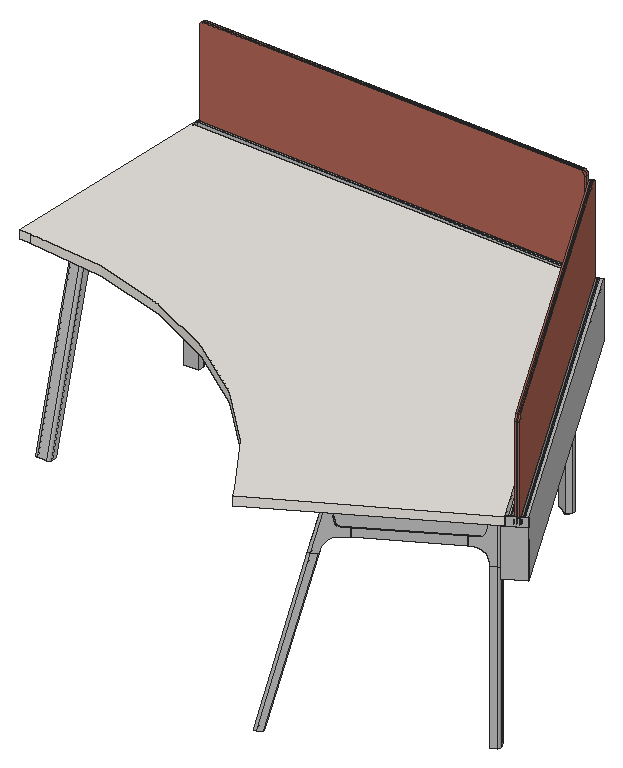
Revit family "Haworth_Intuity_Benching_Corner120_SingleSided", category Furniture Systems, Revit 2018
Family settings
  Round Connector Dimension = Use Diameter
  Part Type = Normal
  OmniClass Number = 23.40.70.14.64.21
  OmniClass Title = Systems Furniture
  Work Plane-Based = No
  Always vertical = Yes
  Cut with Voids When Loaded = No
  Shared = No
  Room Calculation Point = No
Parameters (values of type "30d 54w")
  Worksurface Finish = Haworth _ Laminate _ Linen H-WL
  Worksurface Edge Finish = Haworth _ Laminate _ Linen H-WL
  Worksurface Depth = if([30 Depth], 30", 24")  # 30"
  Width = 54"
  Warranty = "http://www.haworth.com/resources/product-info/warranties"
  Utility Tray Offset = 1 9/32"  # constant formula
  Utility Tray Bottom = 21 23/64"  # constant formula
  URL - Product = "http://www.haworth.com/products/workspaces/benching/intuity"
  URL = "www.haworth.com"
  Top Thickness = 1 3/16"  # constant formula
  Sustainability Info = "http://www.haworth.com/company-info/sustainablility"
  Standard Screen Widths = "42, 48, 54 in"  # constant formula
  Standard Bench Widths = "42, 48, 54 in"  # constant formula
  Screen Yes [instance] = yes
  Screen Width = 54"
  Screen Finish = Haworth _ Fabric _ Tellure _ Geranium 3A-42
  Rail Finish = Haworth _ Paint _ Metallic Silver
  Min Width = 42"  # constant formula
  Min Screen Width = 36"  # constant formula
  Max Width = 54"  # constant formula
  Max Screen Width = 54"  # constant formula
  Leg Right Straight [instance] = no
  Leg Right Shared [instance] = no
  Leg Right Offset [instance] = if(Leg Right Shared, 0", 1 1/4")  # 1 1/4"
  Leg Right None [instance] = not(or(Leg Right Straight, Leg Right Angled))  # no
  Leg Right Angled [instance] = yes
  Leg Left Straight [instance] = no
  Leg Left Shared [instance] = no
  Leg Left Offset [instance] = if(Leg Left Shared, 0", 1 1/4")  # 1 1/4"
  Leg Left None [instance] = not(or(Leg Left Straight, Leg Left Angled))  # no
  Leg Left Angled [instance] = yes
  Leg Height = 28"  # constant formula
  Leg Half = 1"  # constant formula
  Leg Front Offset [instance] = if(or(Leg Right Angled, Leg Left Angled), 13", 6")  # 13"
  Leg Finish = Haworth _ Paint _ Metallic Silver
  Size = "Verify Final Dim. w/ Haworth"  # constant formula
  Revision Number = "1"  # constant formula
  Model = "Intuity"  # constant formula
  Manufacturer = "Haworth"  # constant formula
  Half Width = Actual Width / 2  # 27"
  End Cap Right [instance] = and(not(Leg Right Shared), or(Leg Right Straight, Leg Right Angled))  # yes
  End Cap Offset = 1/8"  # constant formula
  End Cap Left [instance] = and(not(Leg Left Shared), or(Leg Left Straight, Leg Left Angled))  # yes
  End Cap Depth Half = 1 13/32"  # constant formula
  Description = "Haworth - Intuity Benching - 120 Single Sided"  # constant formula
  Custom Size = not(or(Width = 42", Width = 48", Width = 54"))  # no
  Custom Screen Size = not(or(Screen Width = 24", Screen Width = 30", Screen Width = 36", Screen Width = 42", Screen Width = 48"))  # yes
  Beam Offset = 7"  # constant formula
  Beam Height = 2"  # constant formula
  Beam Gap = 9/16"  # constant formula
  Beam Depth = 1 1/4"  # constant formula
  Back Leg Right [instance] = or(Leg Right Straight, Leg Right Angled)  # yes
  Back Leg Offset = 1 7/8"  # constant formula
  Back Leg Left [instance] = or(Leg Left Straight, Leg Left Angled)  # yes
  Author = "Haworth (Alias)"  # constant formula
  Assembly Code = "E2020200"
  Actual Worksurface Depth = Worksurface Depth  # 30"
  Actual Width = if(Width > Max Width, Max Width, if(Width < Min Width, Min Width, Width))  # 54"
  Actual Screen Width = if(Screen Width > Max Screen Width, Max Screen Width - 1/4", if(Screen Width < Min Screen Width, Min Screen Width - 1/4", Screen Width - 1/4"))  # 53 3/4"
  Actual Height = 29 3/16"  # constant formula
  Actual Depth = if([30 Depth], 31 13/32", 25 13/32")  # 31 13/32"
  Access Plate Offset = 7/8"  # constant formula
  Access Plate Height = 3/8"  # constant formula
  Access Plate Depth = 4 1/4"  # constant formula
  Accent Plate Right [instance] = or(Leg Right Straight, Leg Right Angled)  # yes
  Accent Plate Left [instance] = or(Leg Left Straight, Leg Left Angled)  # yes
  Access Hatch Finish = Haworth _ Paint _ Metallic Silver
  Accent Plate Finish = Haworth _ Paint _ Metallic Silver
  Accent Plate Depth [instance] = Actual Depth - Leg Front Offset - 5 9/16"  # 12 27/32"
  30 Depth = not([24 Depth])  # yes
  24 Depth = no
Types (6): name | Worksurface Depth | Width | Screen Width | Half Width | Custom Screen Size | Actual Worksurface Depth | Actual Width | Actual Screen Width | Actual Depth | Accent Plate Depth | 30 Depth | 24 Depth
  30d 54w | 30" | 54" | 54" | 27" | yes | 30" | 54" | 53 3/4" | 31 13/32" | 12 27/32" | yes | no
  30d 48w | 30" | 48" | 48" | 24" | no | 30" | 48" | 47 3/4" | 31 13/32" | 12 27/32" | yes | no
  30d 42w | 30" | 42" | 42" | 21" | no | 30" | 42" | 41 3/4" | 31 13/32" | 12 27/32" | yes | no
  24d 42w | 24" | 42" | 42" | 21" | no | 24" | 42" | 41 3/4" | 25 13/32" | 6 27/32" | no | yes
  24d 48w | 24" | 48" | 48" | 24" | no | 24" | 48" | 47 3/4" | 25 13/32" | 6 27/32" | no | yes
  24d 54w | 24" | 54" | 54" | 27" | yes | 24" | 54" | 53 3/4" | 25 13/32" | 6 27/32" | no | yes
Reference planes (in)
  plane 1: z = 0
  plane 2 "Support Top": z = 29.1875
  plane 3: z = 28
  plane 4 "Beam Top": z = 27.4375
  plane 5 "Beam Bottom": z = 25.4375
  plane 6 "Access Bottom": z = 28.8125
  plane 7: z = 21.35938
  plane 8 "Back 1": y = -14.13811
  plane 9 "Back 2": through (155.26646, -13.4484, 48) normal (0.866, 0.5, 0)
  plane 10: y = -15.41936
  plane 11: through (187.61746, -72.04448, 48) normal (-0.866, -0.5, 0)
  plane 12 "Access Plate 1": y = -16.29436
  plane 13 "Access Plate 2": through (186.85969, -72.48198, 48) normal (-0.866, -0.5, 0)
  plane 14: y = -17.29436
  plane 15: through (185.99366, -72.98198, 48) normal (-0.866, -0.5, 0)
  plane 16 "Access Plate 1-2": y = -20.54436
  plane 17 "Access Plate 2-2": through (183.17908, -74.60698, 48) normal (-0.866, -0.5, 0)
  plane 18 "EndCap Front 1": y = -16.82561
  plane 19 "EndCap Front 2": through (186.39961, -72.74761, 48) normal (-0.866, -0.5, 0)
  plane 20 "Beam 1": y = -22.41936
  plane 21 "Beam 2": through (181.55528, -75.54448, 48) normal (-0.866, -0.5, 0)
  plane 22 "Beam 3": y = -23.66936
  plane 23 "Beam 4": through (180.47275, -76.16948, 48) normal (-0.866, -0.5, 0)
  plane 24 "Leg Front 1": y = -33.82561
  plane 25 "Leg Front 2": through (171.67718, -81.24761, 48) normal (-0.866, -0.5, 0)
  plane 26 "Front 1": y = -46.82561
  plane 27 "Front 2": through (160.41885, -87.74761, 48) normal (-0.866, -0.5, 0)
  plane 28: x = 154.11303
  plane 29 "Left End": x = 100.11303
  plane 30 "Center L/R 1": x = 127.11303
  plane 31: x = 100.23803
  plane 32: x = 101.36303
  plane 33: x = 102.36303
  plane 34: through (187.71665, -59.63404, 48) normal (0.5, -0.866, 0)
  plane 35: through (187.05233, -58.71855, 48) normal (0.5, -0.866, 0)
  plane 36: through (186.43764, -57.91874, 48) normal (0.5, -0.866, 0)
  plane 37 "Right End": through (159.03793, -76.33604, 48) normal (-0.5, 0.866, 0)
  plane 38: through (154.11303, -16.82561, 48) normal (-0.866, 0.5, 0)
  plane 39 "Center L/R 2": through (181.18846, -32.37051, 48) normal (0.5, -0.866, 0)
  plane 40: z = 28.25
Forms (in)
  Sweep 1, solid, material "Haworth _ Paint _ Metallic Silver" <- "Rail Finish", visible <- "Accent Plate Left"
    path origin (0, 0, 0) x (1, 0, 0) y (0, 1, 0)
      loop
        line (100.11303, -15.41936) -> (100.23803, -15.41936)
    profile origin (100.17553, -15.41936, 0) x (0, 1, 0) y (0, 0, 1)
      loop
        line (1.28125, 28) -> (-1.875, 28) -> (-1.875, 21.35938) -> (1.28125, 21.35938) -> (1.28125, 28)
  Sweep 2, solid, material "Haworth _ Paint _ Metallic Silver" <- "Rail Finish"
    path origin (0, 0, 0) x (1, 0, 0) y (0, 1, 0)
      loop
        line (100.11303, -15.41936) -> (100.23803, -15.41936)
    profile origin (100.17553, -15.41936, 0) x (0, 1, 0) y (0, 0, 1)
      loop
        line (1.28125, 29.1875) -> (-1.40625, 29.1875) -> (-1.40625, 28) -> (1.28125, 28) -> (1.28125, 29.1875)
  Sweep 3, solid, material "Haworth _ Paint _ Metallic Silver" <- "Rail Finish", visible <- "Accent Plate Left"
    path origin (245.75804, -141.88847, 0) x (-0.5, 0.866025, 0) y (0.866025, 0.5, 0)
      loop
        line (100.14227, -15.42923) -> (100.25513, -15.42923)
    profile origin (182.29659, -62.82847, 0) x (-0.866025, -0.5, 0) y (0, 0, 1)
      loop
        line (-1.28125, 28) -> (-1.28125, 21.35938) -> (1.875, 21.35938) -> (1.875, 28) -> (-1.28125, 28)
  Sweep 4, solid, material "Haworth _ Paint _ Metallic Silver" <- "Rail Finish"
    path origin (245.75804, -141.88847, 0) x (-0.5, 0.866025, 0) y (0.866025, 0.5, 0)
      loop
        line (100.14227, -15.42923) -> (100.25513, -15.42923)
    profile origin (182.29659, -62.82847, 0) x (-0.866025, -0.5, 0) y (0, 0, 1)
      loop
        line (-1.28125, 29.1875) -> (-1.28125, 28) -> (1.40625, 28) -> (1.40625, 29.1875) -> (-1.28125, 29.1875)
Lines and regions (in)
  Masking region 1
    outline origin (0, 0, 0) x (1, 0, 0) y (0, 1, 0)
      loop
        line (100.11303, -16.82561) -> (154.11303, -16.82561) -> (181.11303, -63.59098) -> (183.44047, -62.24723) -> (155.66466, -14.13811) -> (100.11303, -14.13811) -> (100.11303, -16.82561)
Dimensions and locks (in)
  "Actual Height": plane 2 "Support Top" to level
  "Top Thickness": plane 2 "Support Top" to plane 3
  "Beam Gap": plane 3 to plane 4 "Beam Top"
  "Beam Height": plane 4 "Beam Top" to plane 5 "Beam Bottom"
  "Access Plate Height": plane 2 "Support Top" to plane 6 "Access Bottom"
  "Utility Tray Bottom": plane 7 to plane 1
  "Utility Tray Offset": plane 10 to plane 8 "Back 1"
  "Utility Tray Offset": plane 11 to plane 9 "Back 2"
  "Access Plate Offset": plane 12 "Access Plate 1" to plane 10
  "Access Plate Offset": plane 13 "Access Plate 2" to plane 11
  "End Cap Depth Half": plane 18 "EndCap Front 1" to plane 10
  "End Cap Depth Half": plane 19 "EndCap Front 2" to plane 11
  "Access Plate Depth": plane 16 "Access Plate 1-2" to plane 12 "Access Plate 1"
  "Access Plate Depth": plane 17 "Access Plate 2-2" to plane 13 "Access Plate 2"
  "Leg Front Offset": plane 26 "Front 1" to plane 24 "Leg Front 1"
  "Leg Front Offset": plane 27 "Front 2" to plane 25 "Leg Front 2"
  "Beam Depth": plane 22 "Beam 3" to plane 20 "Beam 1"
  "Beam Depth": plane 23 "Beam 4" to plane 21 "Beam 2"
  "Beam Offset": plane 20 "Beam 1" to plane 10
  "Beam Offset": plane 21 "Beam 2" to plane 11
  "Back Leg Offset": plane 14 to plane 10
  "Back Leg Offset": plane 15 to plane 11
  "Actual Depth": plane 26 "Front 1" to plane 10
  "Actual Depth": plane 27 "Front 2" to plane 11
  "Actual Width": plane 29 "Left End" to plane 28
  equal spacing: plane 29 "Left End", plane 30 "Center L/R 1", plane 28
  "End Cap Offset": plane 29 "Left End" to plane 31
  "Leg Half": plane 32 to plane 33
  "Leg Half": plane 36 to plane 35
  "Leg Left Offset": plane 29 "Left End" to plane 32
  locked: nested 15 to plane 9 "Back 2" at 4.5
  "End Cap Offset": plane 37 "Right End" to plane 34
  "Leg Right Offset": plane 37 "Right End" to plane 35
  locked: plane 19 "EndCap Front 2" to plane 28 at 0
  "Half Width": plane 37 "Right End" to plane 39 "Center L/R 2"
  aligned and locked: nested 4 to plane 11
  aligned and locked: nested 3 to plane 10
  aligned and locked: nested 1 to plane 10
  aligned and locked: plane 11 to nested 2
  aligned and locked: nested 13 to plane 10
  aligned and locked: plane 11 to nested 14
  aligned and locked: plane 14 to nested 9
  aligned and locked: nested 7 to plane 24 "Leg Front 1"
  aligned and locked: nested 9 to plane 32
  aligned and locked: plane 32 to nested 8
  aligned and locked: nested 7 to plane 32
  aligned and locked: plane 15 to nested 12
  aligned and locked: plane 25 "Leg Front 2" to nested 11
  aligned and locked: plane 25 "Leg Front 2" to nested 10
  aligned and locked: nested 10 to plane 35
  aligned and locked: nested 11 to plane 35
  aligned and locked: plane 35 to nested 12
  aligned and locked: nested 6 to plane 35
  aligned and locked: plane 30 "Center L/R 1" to nested 3
  aligned and locked: plane 30 "Center L/R 1" to nested 13
  aligned and locked: plane 32 to nested 5
  aligned and locked: plane 10 to Sweep 1 sketch curve
  aligned and locked: plane 29 "Left End" to Sweep 1 sketch curve
  aligned and locked: plane 31 to Sweep 1 sketch curve
  aligned and locked: plane 10 to Sweep 2 sketch curve
  aligned and locked: plane 29 "Left End" to Sweep 2 sketch curve
  aligned and locked: plane 31 to Sweep 2 sketch curve
  aligned and locked: Sweep 3 sketch curve to plane 11
  aligned and locked: plane 34 to Sweep 3 sketch curve
  aligned and locked: Sweep 4 sketch curve to plane 11
  aligned and locked: plane 34 to Sweep 4 sketch curve
  aligned and locked: plane 9 "Back 2" to Sweep 4 sketch curve
  aligned and locked: plane 2 "Support Top" to Sweep 4 sketch curve
  aligned and locked: Sweep 4 sketch curve to plane 3
  aligned and locked: plane 19 "EndCap Front 2" to Sweep 4 sketch curve
  aligned and locked: plane 9 "Back 2" to Sweep 3 sketch curve
  aligned and locked: plane 15 to Sweep 3 sketch curve
  aligned and locked: plane 3 to Sweep 3 sketch curve
  aligned and locked: Sweep 3 sketch curve to plane 7
  aligned and locked: Sweep 1 sketch curve to plane 3
  aligned and locked: plane 7 to Sweep 1 sketch curve
  aligned and locked: plane 8 "Back 1" to Sweep 1 sketch curve
  aligned and locked: Sweep 1 sketch curve to plane 14
  aligned and locked: plane 3 to Sweep 2 sketch curve
  aligned and locked: Sweep 2 sketch curve to plane 2 "Support Top"
  aligned and locked: plane 8 "Back 1" to Sweep 2 sketch curve
  aligned and locked: Sweep 2 sketch curve to plane 18 "EndCap Front 1"
  aligned and locked: nested 8 to plane 24 "Leg Front 1"
  aligned and locked: nested 5 to plane 24 "Leg Front 1"
  aligned and locked: nested 6 to plane 25 "Leg Front 2"
  aligned and locked: plane 30 "Center L/R 1" to nested 1
  aligned and locked: plane 38 to nested 15
  aligned and locked: nested 16 to plane 19 "EndCap Front 2"
  aligned and locked: plane 18 "EndCap Front 1" to nested 16
  aligned and locked: nested 16 to plane 37 "Right End"
  aligned and locked: Masking region 1 sketch curve to plane 18 "EndCap Front 1"
  aligned and locked: Masking region 1 sketch curve to plane 29 "Left End"
  aligned and locked: plane 8 "Back 1" to Masking region 1 sketch curve
  aligned and locked: Masking region 1 sketch curve to plane 37 "Right End"
  aligned and locked: Masking region 1 sketch curve to plane 9 "Back 2"
  aligned and locked: Masking region 1 sketch curve to plane 19 "EndCap Front 2"
  aligned and locked: nested 4 to plane 39 "Center L/R 2"
  aligned and locked: plane 39 "Center L/R 2" to nested 14
  aligned and locked: plane 39 "Center L/R 2" to nested 2
  aligned and locked: nested 14 to plane 40
  aligned and locked: nested 13 to plane 40
  aligned and locked: plane 2 "Support Top" to nested 4
  aligned and locked: plane 3 to nested 9
  aligned and locked: plane 3 to nested 15
  aligned and locked: plane 3 to nested 5
  aligned and locked: plane 3 to nested 8
  aligned and locked: plane 3 to nested 7
  aligned and locked: nested 10 to plane 3
  aligned and locked: plane 3 to nested 6
  aligned and locked: nested 11 to plane 3
  aligned and locked: plane 3 to nested 12
Automatic sketch dimensions
  plane 37 "Right End" to Sweep 3 sketch curve = 0.01214"
  plane 37 "Right End" to Sweep 4 sketch curve = 0.01214"
Nested families (in)
  nested 1: "Haworth_Intuity_Rail" at (118.61303, -4.7738, 0), type "Rail"
    with Right Shared Leg no, Right Offset 1/8", Left Shared Leg no, Left Offset 1/8", Worsurface Length 54"
  nested 2: "Haworth_Intuity_Rail" at (163.86155, -52.18916, 0) x (-0.5, 0.866, 0) z (0, 0, 1), type "Rail"
    with Right Shared Leg no, Right Offset 1/8", Left Shared Leg no, Left Offset 1/8", Worsurface Length 54"
  nested 3: "Haworth_Intuity_Utility_Tray_Single" at (118.61303, -4.7738, 0), type "Tray"
    with Right Offset 1/8", Left Offset 1/8", Worsurface Length 54"
  nested 4: "Haworth_Intuity_Utility_Tray_Single" at (173.8002, -26.82117, 0.07326) x (0.5, -0.866, 0) z (0, 0, 1), type "Tray"
    with Right Offset 1/8", Left Offset 1/8", Worsurface Length 54"
  nested 5: "Haworth_Intuity_Accent_Plate" at (92.86303, -16.75817, 0), visible <- "Accent Plate Left", type "Support"
    with Support Depth 12 27/32"
  nested 6: "Haworth_Intuity_Accent_Plate" at (176.29643, -55.11351, 0) x (0.5, -0.866, 0) z (0, 0, 1), visible <- "Accent Plate Right", type "Support"
    with Support Depth 12 27/32"
  nested 7: "Haworth_Intuity_Angled_Leg" at (92.86303, -25.9613, 0), visible <- "Leg Left Angled", type "Support"
  nested 8: "Haworth_Intuity_Straight_Leg" at (92.86303, -25.9613, 0), visible <- "Leg Left Straight", type "Support"
  nested 9: "Haworth_Intuity_Straight_Leg" at (109.86303, -28.84617, 0) x (-1, 0, 0) z (0, 0, 1), visible <- "Back Leg Left", type "Support"
  nested 10: "Haworth_Intuity_Angled_Leg" at (176.82629, -74.43751, 0) x (-0.5, 0.866, 0) z (0, 0, 1), visible <- "Leg Right Angled", type "Support"
  nested 11: "Haworth_Intuity_Straight_Leg" at (176.82629, -74.43751, 0) x (-0.5, 0.866, 0) z (0, 0, 1), visible <- "Leg Right Straight", type "Support"
  nested 12: "Haworth_Intuity_Straight_Leg" at (174.32792, -75.87994, 0) x (-0.5, 0.866, 0) z (0, 0, 1), visible <- "Back Leg Right", type "Support"
  nested 13: "Haworth_Intuity_Screens" at (118.61303, -7.55505, 28.25), visible <- "Screen Yes", type "Screen"
    with Actual Width 53 3/4"
  nested 14: "Haworth_Intuity_Screens" at (166.27019, -50.79854, 28.25) x (-0.5, 0.866, 0) z (0, 0, 1), visible <- "Screen Yes", type "Screen"
    with Actual Width 53 3/4"
  nested 15: "Haworth_Intuity_Straight_MiddleLeg" at (156.84372, -29.09591, 0) x (-0.866, 0.5, 0) z (0, 0, 1), type "Support"
  nested 16: "Haworth_Intuity_Worksurface_Corner120_Part" at (143.72072, -22.82561, 0) x (0.5, -0.866, 0) z (0, 0, 1), type "Worksurface"
    with Actual Depth 30"
Definition of nested family "Haworth_Intuity_Rail"
  Parameters
    Worsurface Height = 1 3/16"  # constant formula
    URL = "www.haworth.com"
    Worsurface Length = 48"
    Support Height = 28"  # constant formula
    Right Shared Leg [instance] = no
    Right Offset [instance] = if(Right Shared Leg, 0", 1/8")  # 1/8"
    Rail Finish = none
    Rail Depth = 1 1/2"  # constant formula
    Size = "Verify Final Dim. w/ Haworth"  # constant formula
    Revision Number = "1"  # constant formula
    Model = "Haworth_Intuity_Rail"  # constant formula
    Manufacturer = "Haworth"  # constant formula
    Left Shared Leg [instance] = no
    Left Offset [instance] = if(Left Shared Leg, 0", 1/8")  # 1/8"
    Description = "Haworth_Intuity_Rail"
    Author = "Haworth (Hampton)"  # constant formula
    Assembly Code = "E2020200"
  Reference planes (in)
    plane 1: z = 0
    plane 2 "Center L/R": x = 8.5
    plane 3 "Support Left Edge": x = -15.5
    plane 4 "Support Right Edge": x = 32.5
    plane 5 "Support Top": z = 28
    plane 6 "Center F/B": y = -10.64556
    plane 7 "Leg Inside": y = -11.39556
    plane 8 "Top Top": z = 29.1875
    plane 9 "Leg Inside Back": y = -9.89556
    plane 10 "Plate Left": x = -15.375
    plane 11 "Plate Right": x = 32.375
    plane 12: z = 28.1875
  Forms (in)
    Extrusion 1, solid, material <- "Rail Finish"
      sketch origin (8.5, 0, 0) x (0, 1, 0) y (0, 0, 1)
        loop
          line (-11.39556, 29.1875) -> (-11.39556, 28.1875) -> (-9.89556, 28.1875) -> (-9.89556, 29.1875) -> (-9.95806, 29.1875) -> (-9.95806, 28.375) -> (-10.20806, 28.375) -> (-10.20806, 29.1875) -> (-10.27056, 29.1875) -> (-10.27056, 28.25) -> (-11.02056, 28.25) -> (-11.02056, 29.1875) -> (-11.08306, 29.1875) -> (-11.08306, 28.375) -> (-11.33306, 28.375) -> (-11.33306, 29.1875) -> (-11.39556, 29.1875)
      from -23.875 to 23.875
  Lines and regions (in)
    symbolic lines, detail levels medium+fine
      curve 1: line (-15.375, -9.89556, 0) -> (32.375, -9.89556, 0)
      curve 2: line (-15.375, -11.39556, 0) -> (-15.375, -9.89556, 0)
      curve 3: line (32.375, -11.39556, 0) -> (-15.375, -11.39556, 0)
      curve 4: line (32.375, -9.89556, 0) -> (32.375, -11.39556, 0)
  Dimensions and locks (in)
    "Worsurface Length": plane 3 "Support Left Edge" to plane 4 "Support Right Edge"
    equal spacing: plane 3 "Support Left Edge", plane 2 "Center L/R", plane 4 "Support Right Edge"
    "Support Height": plane 5 "Support Top" to level
    equal spacing: plane 9 "Leg Inside Back", plane 6 "Center F/B", plane 7 "Leg Inside"
    "Rail Depth": plane 7 "Leg Inside" to plane 9 "Leg Inside Back"
    "Left Offset": plane 3 "Support Left Edge" to plane 10 "Plate Left"
    "Right Offset": plane 11 "Plate Right" to plane 4 "Support Right Edge"
    plane 8 "Top Top" to plane 5 "Support Top" = 1 3/16"
    aligned and locked: plane 9 "Leg Inside Back" to curve 1
    aligned and locked: curve 3 to plane 7 "Leg Inside"
    aligned and locked: Extrusion 1 to plane 10 "Plate Left"
    aligned and locked: Extrusion 1 to plane 11 "Plate Right"
    aligned and locked: plane 10 "Plate Left" to curve 2
    aligned and locked: plane 11 "Plate Right" to curve 4
  Automatic sketch dimensions
    Extrusion 1 sketch curve to plane 7 "Leg Inside" = 0"
    Extrusion 1 sketch curve to plane 8 "Top Top" = 0"  (x4)
    Extrusion 1 sketch curve to plane 9 "Leg Inside Back" = 0"
    Extrusion 1 sketch curve to plane 12 = 0"
    Extrusion 1 sketch curve to plane 7 "Leg Inside" = 1/16"
    Extrusion 1 sketch curve to Extrusion 1 sketch curve = 1/4"
    Extrusion 1 sketch curve to Extrusion 1 sketch curve = 1/16"  (x2)
    plane 6 "Center F/B" to Extrusion 1 sketch curve = 3/8"
    plane 9 "Leg Inside Back" to Extrusion 1 sketch curve = 1/16"
    plane 12 to Extrusion 1 sketch curve = 1/16"
    Extrusion 1 sketch curve to Extrusion 1 sketch curve = 1/8"  (x2)
Definition of nested family "Haworth_Intuity_Utility_Tray_Single"
  Parameters
    Worsurface Height = 1 3/16"  # constant formula
    URL = "www.haworth.com"
    Worsurface Length = 48"
    Tray Inset = 6"  # constant formula
    Support Height = 28"  # constant formula
    Right Offset [instance] = 1/8"  # constant formula
    Rail Finish = none
    Rail Depth = 1 1/2"  # constant formula
    Size = "Verify Final Dim. w/ Haworth"  # constant formula
    Revision Number = "1"  # constant formula
    Model = "Haworth_Intuity_Utility_Tray_Single"  # constant formula
    Manufacturer = "Haworth"  # constant formula
    Left Offset [instance] = 1/8"  # constant formula
    Description = "Haworth_Intuity_Utility_Tray_Single"
    Author = "Haworth (Hampton)"  # constant formula
    Assembly Code = "E2020200"
  Reference planes (in)
    plane 1: z = 0
    plane 2 "Center L/R": x = 8.5
    plane 3 "Support Left Edge": x = -15.5
    plane 4 "Support Right Edge": x = 32.5
    plane 5 "Support Top": z = 28
    plane 6 "Center F/B": y = -10.64556
    plane 7 "Leg Inside": y = -11.39556
    plane 8 "Top Top": z = 29.1875
    plane 9 "Leg Inside Back": y = -9.89556
    plane 10 "Plate Left": x = -15.375
    plane 11 "Plate Right": x = 32.375
    plane 12: z = 28.1875
    plane 13 "Inset Left": x = -9.375
    plane 14 "Inset Right": x = 26.375
  Forms (in)
    Extrusion 1, solid, material <- "Rail Finish"
      sketch origin (8.5, 0, 0) x (0, 1, 0) y (0, 0, 1)
        loop
          line (-9.36556, 29.11424) -> (-9.89556, 29.11424) -> (-9.89556, 28.73924) -> (-9.86431, 28.73924) -> (-9.86431, 29.08299) -> (-9.39681, 29.08299) -> (-9.39681, 21.38868) -> (-9.53896, 21.38868) -> (-9.53896, 21.35743) -> (-9.36556, 21.35743) -> (-9.36556, 29.11424)
      from -23.875 to 23.875
    Extrusion 2, solid, material <- "Rail Finish"
      sketch origin (8.5, 0, 0) x (0, 1, 0) y (0, 0, 1)
        loop
          line (-9.53896, 21.38868) -> (-14.33431, 21.38868)
          arc (-14.33431, 21.38868) -> (-14.68787, 21.53512) -> (-14.83431, 21.88868) r 0.5
          line (-14.83431, 21.88868) -> (-14.83431, 22.80024) -> (-14.86556, 22.80024) -> (-14.86556, 21.88868)
          arc (-14.86556, 21.88868) -> (-14.70996, 21.51303) -> (-14.33431, 21.35743) r 0.53125
          line (-14.33431, 21.35743) -> (-9.53896, 21.35743) -> (-9.53896, 21.38868)
      from -17.875 to 17.875
  Lines and regions (in)
    symbolic lines, detail levels medium+fine
      curve 1: line (-15.375, -9.89556, 0) -> (32.375, -9.89556, 0)
  Dimensions and locks (in)
    "Worsurface Length": plane 3 "Support Left Edge" to plane 4 "Support Right Edge"
    equal spacing: plane 3 "Support Left Edge", plane 2 "Center L/R", plane 4 "Support Right Edge"
    "Support Height": plane 5 "Support Top" to level
    equal spacing: plane 9 "Leg Inside Back", plane 6 "Center F/B", plane 7 "Leg Inside"
    "Rail Depth": plane 7 "Leg Inside" to plane 9 "Leg Inside Back"
    "Left Offset": plane 3 "Support Left Edge" to plane 10 "Plate Left"
    "Right Offset": plane 11 "Plate Right" to plane 4 "Support Right Edge"
    plane 8 "Top Top" to plane 5 "Support Top" = 1 3/16"
    "Tray Inset": plane 14 "Inset Right" to plane 11 "Plate Right"
    "Tray Inset": plane 10 "Plate Left" to plane 13 "Inset Left"
    aligned and locked: plane 9 "Leg Inside Back" to curve 1
    aligned and locked: Extrusion 1 to plane 10 "Plate Left"
    aligned and locked: Extrusion 1 to plane 11 "Plate Right"
    aligned and locked: Extrusion 2 to plane 13 "Inset Left"
    aligned and locked: Extrusion 2 to plane 14 "Inset Right"
  Automatic sketch dimensions
    plane 7 "Leg Inside" to Extrusion 2 sketch curve = 3.47"
    Extrusion 2 sketch curve to Extrusion 2 sketch curve = 17/32"
    Extrusion 2 sketch curve to plane 9 "Leg Inside Back" = 0.3566"
    Extrusion 2 sketch curve to plane 5 "Support Top" = 6.64257"
    Extrusion 2 sketch curve to Extrusion 2 sketch curve = 0.91157"
    Extrusion 2 sketch curve to Extrusion 2 sketch curve = 0"  (x2)
    Extrusion 2 sketch curve to Extrusion 2 sketch curve = 1/32"
    curve 1 to plane 10 "Plate Left" = 0"
    curve 1 to plane 11 "Plate Right" = 0"
    Extrusion 1 sketch curve to plane 9 "Leg Inside Back" = 0"
    Extrusion 1 sketch curve to plane 9 "Leg Inside Back" = 1/32"
    Extrusion 1 sketch curve to plane 9 "Leg Inside Back" = 0.3566"
    Extrusion 1 sketch curve to Extrusion 1 sketch curve = 0.14215"
    Extrusion 1 sketch curve to Extrusion 1 sketch curve = 1/32"  (x3)
    Extrusion 1 sketch curve to plane 5 "Support Top" = 6.64257"
    Extrusion 1 sketch curve to plane 8 "Top Top" = 0.44826"
    Extrusion 1 sketch curve to plane 8 "Top Top" = 0.10451"
Definition of nested family "Haworth_Intuity_Accent_Plate"
  Parameters (values of type "Support")
    URL = "www.haworth.com"
    Support Thickness = 2"  # constant formula
    Support Inset = 1/4"  # constant formula
    Support Height = 28"  # constant formula
    Support Finish = none
    Support Depth = 6 27/32"
    Size = "Verify Final Dim. w/ Haworth"  # constant formula
    Revision Number = "1"  # constant formula
    Plate Offset = 2 3/8"  # constant formula
    Model = "Haworth_Intuity_Accent_Plate"  # constant formula
    Manufacturer = "Haworth"  # constant formula
    Leg Depth = 1 1/4"  # constant formula
    Description = "Haworth_Intuity_Accent_Plate"
    Author = "Haworth (Hampton)"  # constant formula
    Assembly Code = "E2020200"
    Actual Depth = 3 11/16"  # constant formula
    Access Plate Finish = none
  Reference planes (in)
    plane 1: z = 0
    plane 2 "Center L/R": x = 8.5
    plane 3 "Support Left Edge": x = 7.5
    plane 4 "Support Right Edge": x = 9.5
    plane 5 "Support Top": z = 28
    plane 6 "Center F/B": y = -10.64556
    plane 7 "Leg Inside": y = -14.06744
    plane 8 "Plate Middle": z = 26.20584
    plane 9 "Plate Bottom": z = 25.0255
    plane 10 "Leg Inside Back": y = -7.22369
    plane 11 "Plate Left": x = 7.75
    plane 12 "Plate Right": x = 9.25
    plane 13 "Plate Front": y = -16.44244
    plane 14 "Plate End": y = -4.84869
  Forms (in)
    Extrusion 1, solid, material <- "Support Finish"
      sketch origin (8.5, 0, 0) x (0, 1, 0) y (0, 0, 1)
        loop
          line (-14.06744, 26.20584) -> (-14.06744, 25.0255) -> (-7.22369, 25.0255) -> (-7.22369, 26.20584) -> (-14.06744, 26.20584)
      from -1 to 1
    Extrusion 2, solid, material <- "Access Plate Finish"
      sketch origin (8.5, 0, 0) x (0, 1, 0) y (0, 0, 1)
        loop
          line (-16.44244, 28) -> (-16.08582, 26.66908)
          arc (-16.08582, 26.66908) -> (-15.86259, 26.335) -> (-15.48211, 26.20584) r 0.625
          line (-15.48211, 26.20584) -> (-5.80901, 26.20584)
          arc (-5.80901, 26.20584) -> (-5.42853, 26.335) -> (-5.2053, 26.66908) r 0.625
          line (-5.2053, 26.66908) -> (-4.84869, 28) -> (-16.44244, 28)
      from -0.75 to 0.75
  Lines and regions (in)
    symbolic lines, detail levels medium+fine
      curve 1: line (7.5, -4.84869, 0) -> (9.5, -4.84869, 0)
      curve 2: line (7.5, -16.44244, 0) -> (7.5, -4.84869, 0)
      curve 3: line (9.5, -16.44244, 0) -> (7.5, -16.44244, 0)
      curve 4: line (9.5, -4.84869, 0) -> (9.5, -16.44244, 0)
  Dimensions and locks (in)
    "Support Thickness": plane 3 "Support Left Edge" to plane 4 "Support Right Edge"
    equal spacing: plane 3 "Support Left Edge", plane 2 "Center L/R", plane 4 "Support Right Edge"
    "Support Height": plane 5 "Support Top" to level
    locked: plane 5 "Support Top" to plane 8 "Plate Middle" at 1.79416
    locked: plane 8 "Plate Middle" to plane 9 "Plate Bottom" at 1.18035
    equal spacing: plane 10 "Leg Inside Back", plane 6 "Center F/B", plane 7 "Leg Inside"
    "Support Depth": plane 7 "Leg Inside" to plane 10 "Leg Inside Back"
    locked: plane 3 "Support Left Edge" to plane 11 "Plate Left" at 0.25
    locked: plane 12 "Plate Right" to plane 4 "Support Right Edge" at 0.25
    "Plate Offset": plane 13 "Plate Front" to plane 7 "Leg Inside"
    "Plate Offset": plane 10 "Leg Inside Back" to plane 14 "Plate End"
    aligned and locked: plane 7 "Leg Inside" to Extrusion 1 sketch curve
    aligned and locked: plane 10 "Leg Inside Back" to Extrusion 1 sketch curve
    aligned and locked: Extrusion 1 sketch curve to plane 8 "Plate Middle"
    aligned and locked: plane 9 "Plate Bottom" to Extrusion 1 sketch curve
    aligned and locked: plane 3 "Support Left Edge" to Extrusion 1
    aligned and locked: plane 4 "Support Right Edge" to Extrusion 1
    aligned and locked: plane 8 "Plate Middle" to Extrusion 2 sketch curve
    aligned and locked: Extrusion 2 sketch curve to plane 5 "Support Top"
    aligned and locked: Extrusion 2 to plane 11 "Plate Left"
    aligned and locked: Extrusion 2 to plane 12 "Plate Right"
    aligned and locked: plane 14 "Plate End" to curve 1
    aligned and locked: plane 13 "Plate Front" to curve 3
  Automatic sketch dimensions
    Extrusion 2 sketch curve to plane 13 "Plate Front" = 0"
    Extrusion 2 sketch curve to plane 14 "Plate End" = 0"
    plane 13 "Plate Front" to Extrusion 2 sketch curve = 0.35662"
    Extrusion 2 sketch curve to Extrusion 2 sketch curve = 0.6037"
    plane 14 "Plate End" to Extrusion 2 sketch curve = 0.96032"
    plane 14 "Plate End" to Extrusion 2 sketch curve = 0.35662"
    plane 8 "Plate Middle" to Extrusion 2 sketch curve = 0.46324"  (x2)
    curve 3 to plane 3 "Support Left Edge" = 0"
    curve 3 to plane 4 "Support Right Edge" = 0"
Definition of nested family "Haworth_Intuity_Angled_Leg"
  Parameters
    URL = "www.haworth.com"
    Support Thickness = 2"  # constant formula
    Support Inset = 1/4"  # constant formula
    Support Height = 28"  # constant formula
    Support Finish = none
    Size = "Verify Final Dim. w/ Haworth"  # constant formula
    Revision Number = "1"  # constant formula
    Model = "Haworth_Intuity_Angled_Leg"  # constant formula
    Manufacturer = "Haworth"  # constant formula
    Description = "Haworth_Intuity_Angled_Leg"
    Author = "Haworth (Hampton)"  # constant formula
    Assembly Code = "E2020200"
    Actual Depth = 10 3/4"  # constant formula
  Reference planes (in)
    plane 1: z = 0
    plane 2 "Center L/R": x = 8.5
    plane 3 "Support Left Edge": x = 7.5
    plane 4 "Support Right Edge": x = 9.5
    plane 5 "Support Top": z = 28
    plane 6 "Center F/B": y = -7.86431
    plane 7 "Inset Left": x = 7.75
    plane 8 "Inset Right": x = 9.25
    plane 9 "Front": y = -18.60273
  Forms (in)
    Extrusion 1, solid, material <- "Support Finish"
      sketch origin (7.5, 0, 0) x (0, -1, 0) y (0, 0, 1)
        loop
          line (18.60273, 0) -> (12.61969, 22.70402) -> (11.40102, 22.70402) -> (17.38407, 0) -> (18.60273, 0)
      from -2 to 0
    Extrusion 2, solid, material <- "Support Finish"
      sketch origin (7.5, 0, 0) x (0, -1, 0) y (0, 0, 1)
        loop
          line (12.61969, 22.70402) -> (11.20064, 28) -> (9.99113, 28) -> (9.63452, 26.66908)
          arc (9.63452, 26.66908) -> (9.41129, 26.335) -> (9.03081, 26.20584) r 0.625
          line (9.03081, 26.20584) -> (7.86431, 26.20584) -> (7.86431, 25.0255) -> (8.76475, 25.0255)
          arc (8.76475, 25.0255) -> (10.36275, 24.48305) -> (11.30031, 23.0799) r 2.625
          line (11.30031, 23.0799) -> (11.40102, 22.70402) -> (12.61969, 22.70402)
      from -2 to 0
    Extrusion 3, void
      sketch origin (0, -0.61412, -4.74042) x (1, 0, 0) y (0, 0.966987, -0.254824)
        loop
          line (9.125, -18.60273) -> (7.875, -18.60273)
          arc (7.875, -18.60273) -> (7.60983, -18.4929) -> (7.5, -18.22773) r 0.375
          line (7.5, -18.22773) -> (7.18721, -18.74452) -> (9.81279, -18.74452) -> (9.5, -18.22773)
          arc (9.5, -18.22773) -> (9.39017, -18.4929) -> (9.125, -18.60273) r 0.375
      from 0 to 30.3576
  Cuts and joins
    Extrusion 3 cuts Extrusion 1
    Extrusion 3 cuts Extrusion 2
  Lines and regions (in)
    symbolic lines, detail levels medium+fine
      curve 1: line (7.5, -7.86431, 0) -> (9.5, -7.86431, 0)
      curve 2: line (7.5, -18.60273, 0) -> (7.5, -7.86431, 0)
      curve 3: line (9.5, -18.60273, 0) -> (7.5, -18.60273, 0)
      curve 4: line (9.5, -7.86431, 0) -> (9.5, -18.60273, 0)
  Dimensions and locks (in)
    "Support Thickness": plane 3 "Support Left Edge" to plane 4 "Support Right Edge"
    equal spacing: plane 3 "Support Left Edge", plane 2 "Center L/R", plane 4 "Support Right Edge"
    "Support Height": plane 5 "Support Top" to level
    "Support Inset": plane 3 "Support Left Edge" to plane 7 "Inset Left"
    "Support Inset": plane 8 "Inset Right" to plane 4 "Support Right Edge"
    aligned and locked: plane 4 "Support Right Edge" to Extrusion 2
    aligned and locked: plane 3 "Support Left Edge" to Extrusion 2
    aligned and locked: plane 4 "Support Right Edge" to Extrusion 1
    aligned and locked: plane 3 "Support Left Edge" to Extrusion 1
  Automatic sketch dimensions
    Extrusion 1 sketch curve to level = 0"
    Extrusion 1 sketch curve to plane 6 "Center F/B" = 3.53671"
    Extrusion 1 sketch curve to Extrusion 1 sketch curve = 1.21867"  (x2)
    Extrusion 2 sketch curve to plane 6 "Center F/B" = 0"
    Extrusion 2 sketch curve to plane 5 "Support Top" = 0"
    Extrusion 2 sketch curve to plane 6 "Center F/B" = 1.1665"
    Extrusion 2 sketch curve to plane 6 "Center F/B" = 0.90044"
    Extrusion 2 sketch curve to Extrusion 2 sketch curve = 0.6037"
    Extrusion 2 sketch curve to Extrusion 2 sketch curve = 0.35662"
    Extrusion 2 sketch curve to Extrusion 2 sketch curve = 2.53556"
    Extrusion 2 sketch curve to Extrusion 2 sketch curve = 1.2095"
    Extrusion 2 sketch curve to Extrusion 2 sketch curve = 0.10072"
    Extrusion 2 sketch curve to Extrusion 2 sketch curve = 1.21867"
    Extrusion 2 sketch curve to Extrusion 2 sketch curve = 0.16176"
    Extrusion 2 sketch curve to Extrusion 2 sketch curve = 1.18035"
    Extrusion 2 sketch curve to Extrusion 2 sketch curve = 1.9456"
    Extrusion 2 sketch curve to Extrusion 2 sketch curve = 0.37588"
    Extrusion 1 sketch curve to plane 6 "Center F/B" = 9.51976"
    Extrusion 1 sketch curve to plane 5 "Support Top" = 5.29598"
    Extrusion 2 sketch curve to plane 5 "Support Top" = 1.16916"
    plane 3 "Support Left Edge" to curve 3 = 0"
    plane 4 "Support Right Edge" to curve 3 = 0"
    curve 3 to plane 6 "Center F/B" = 10.73842"
    plane 6 "Center F/B" to curve 2 = 0"
    Extrusion 3 sketch curve to plane 3 "Support Left Edge" = 0"
    Extrusion 3 sketch curve to plane 4 "Support Right Edge" = 0"
    plane 3 "Support Left Edge" to Extrusion 3 sketch curve = 0.31279"
    plane 7 "Inset Left" to Extrusion 3 sketch curve = 1/8"
    plane 8 "Inset Right" to Extrusion 3 sketch curve = 1/8"
    plane 4 "Support Right Edge" to Extrusion 3 sketch curve = 0.31279"
    Extrusion 3 sketch curve to Extrusion 3 sketch curve = 0.14179"
Definition of nested family "Haworth_Intuity_Straight_Leg"
  Parameters
    URL = "www.haworth.com"
    Top Height = 5 19/64"  # constant formula
    Support Thickness = 2"  # constant formula
    Support Inset = 1/4"  # constant formula
    Support Height = 28"  # constant formula
    Support Finish = none
    Size = "Verify Final Dim. w/ Haworth"  # constant formula
    Revision Number = "1"  # constant formula
    Model = "Haworth_Intuity_Straight_Leg"  # constant formula
    Manufacturer = "Haworth"  # constant formula
    Leg Depth = 1 1/4"  # constant formula
    Description = "Haworth_Intuity_Straight_Leg"
    Author = "Haworth (Hampton)"  # constant formula
    Assembly Code = "E2020200"
    Actual Depth = 3 11/16"  # constant formula
  Reference planes (in)
    plane 1: z = 0
    plane 2 "Center L/R": x = 8.5
    plane 3 "Support Left Edge": x = 7.5
    plane 4 "Support Right Edge": x = 9.5
    plane 5 "Support Top": z = 28
    plane 6 "Center F/B": y = -7.86431
    plane 7 "Leg Outside": y = -11.55181
    plane 8 "Leg Inside": y = -10.30181
    plane 9: z = 22.70313
  Forms (in)
    Extrusion 1, solid, material <- "Support Finish"
      sketch origin (7.5, 0, 0) x (0, -1, 0) y (0, 0, 1)
        loop
          line (11.82451, 22.70313) -> (11.82451, 28) -> (10.24113, 28) -> (9.88452, 26.66908)
          arc (9.88452, 26.66908) -> (9.66129, 26.335) -> (9.28081, 26.20584) r 0.625
          line (9.28081, 26.20584) -> (7.86431, 26.20584) -> (7.86431, 25.0255) -> (8.30181, 25.0255)
          arc (8.30181, 25.0255) -> (9.71602, 24.43971) -> (10.30181, 23.0255) r 2
          line (10.30181, 23.0255) -> (10.30181, 22.70313) -> (11.82451, 22.70313)
      from -2 to 0
    Extrusion 2, solid, material <- "Support Finish"
      sketch origin (0, 0, 0) x (1, 0, 0) y (0, 1, 0)
        loop
          line (7.5, -10.30181) -> (7.5, -11.17681)
          arc (7.5, -11.17681) -> (7.60983, -11.44198) -> (7.875, -11.55181) r 0.375
          line (7.875, -11.55181) -> (9.125, -11.55181)
          arc (9.125, -11.55181) -> (9.39017, -11.44198) -> (9.5, -11.17681) r 0.375
          line (9.5, -11.17681) -> (9.5, -10.30181) -> (7.5, -10.30181)
      from 0 to 22.70313
    Extrusion 3, void
      sketch origin (0, 0, 0) x (1, 0, 0) y (0, 1, 0)
        loop
          line (7.5, -11.17681) -> (7.17397, -11.17681) -> (7.17397, -11.92681) -> (9.82603, -11.92681) -> (9.82603, -11.17681) -> (9.5, -11.17681)
          arc (9.5, -11.17681) -> (9.39017, -11.44198) -> (9.125, -11.55181) r 0.375
          line (9.125, -11.55181) -> (7.875, -11.55181)
          arc (7.875, -11.55181) -> (7.60983, -11.44198) -> (7.5, -11.17681) r 0.375
      from 20.66853 to 28
  Cuts and joins
    Extrusion 3 cuts Extrusion 2
    Extrusion 3 cuts Extrusion 1
  Lines and regions (in)
    symbolic lines, detail levels medium+fine
      curve 1: line (7.5, -7.86431, 0) -> (9.5, -7.86431, 0)
      curve 2: line (7.5, -11.55181, 0) -> (7.5, -7.86431, 0)
      curve 3: line (9.5, -11.55181, 0) -> (7.5, -11.55181, 0)
      curve 4: line (9.5, -7.86431, 0) -> (9.5, -11.55181, 0)
  Dimensions and locks (in)
    "Support Thickness": plane 3 "Support Left Edge" to plane 4 "Support Right Edge"
    equal spacing: plane 3 "Support Left Edge", plane 2 "Center L/R", plane 4 "Support Right Edge"
    "Support Height": plane 5 "Support Top" to level
    "Actual Depth": plane 6 "Center F/B" to plane 7 "Leg Outside"
    "Leg Depth": plane 8 "Leg Inside" to plane 7 "Leg Outside"
    "Top Height": plane 5 "Support Top" to plane 9
    aligned and locked: plane 4 "Support Right Edge" to Extrusion 1
    aligned and locked: plane 3 "Support Left Edge" to Extrusion 1
    aligned and locked: Extrusion 2 sketch curve to plane 4 "Support Right Edge"
    aligned and locked: Extrusion 2 sketch curve to plane 3 "Support Left Edge"
    aligned and locked: Extrusion 2 sketch curve to plane 8 "Leg Inside"
    aligned and locked: plane 7 "Leg Outside" to Extrusion 2 sketch curve
    aligned and locked: Extrusion 2 to level
    aligned and locked: plane 9 to Extrusion 2
    aligned and locked: plane 5 "Support Top" to Extrusion 3
    aligned and locked: cut or joined group of Extrusion 1, Extrusion 3 to plane 9
    aligned and locked: plane 7 "Leg Outside" to curve 3
  Automatic sketch dimensions
    plane 3 "Support Left Edge" to curve 3 = 0"
    plane 4 "Support Right Edge" to curve 3 = 0"
    plane 6 "Center F/B" to curve 2 = 0"
    Extrusion 1 sketch curve to plane 6 "Center F/B" = 0"
    Extrusion 1 sketch curve to plane 5 "Support Top" = 0"
    Extrusion 1 sketch curve to plane 6 "Center F/B" = 7/16"
    Extrusion 1 sketch curve to plane 6 "Center F/B" = 1.4165"
    Extrusion 1 sketch curve to Extrusion 1 sketch curve = 0.6037"
    Extrusion 1 sketch curve to Extrusion 1 sketch curve = 0.35662"
    Extrusion 1 sketch curve to Extrusion 1 sketch curve = 2"
    Extrusion 1 sketch curve to Extrusion 1 sketch curve = 1.58337"
    Extrusion 1 sketch curve to plane 5 "Support Top" = 1.16916"
    Extrusion 1 sketch curve to Extrusion 1 sketch curve = 0.16176"
    Extrusion 1 sketch curve to Extrusion 1 sketch curve = 1.18035"
    Extrusion 1 sketch curve to Extrusion 1 sketch curve = 0.32237"
    Extrusion 3 sketch curve to plane 3 "Support Left Edge" = 0"
    Extrusion 3 sketch curve to plane 7 "Leg Outside" = 0"
    Extrusion 3 sketch curve to plane 4 "Support Right Edge" = 0"
    plane 3 "Support Left Edge" to Extrusion 3 sketch curve = 0.32603"
    plane 4 "Support Right Edge" to Extrusion 3 sketch curve = 0.32603"
    Extrusion 3 sketch curve to plane 7 "Leg Outside" = 3/8"
    Extrusion 2 sketch curve to plane 3 "Support Left Edge" = 3/8"
    Extrusion 3 sketch curve to plane 3 "Support Left Edge" = 3/8"
    Extrusion 2 sketch curve to plane 4 "Support Right Edge" = 3/8"
    Extrusion 3 sketch curve to plane 4 "Support Right Edge" = 3/8"
Definition of nested family "Haworth_Intuity_Screens"
  Parameters
    URL = "www.haworth.com"
    Size = "Verify Final Dim. w/ Haworth"  # constant formula
    Screen Finish = none
    Screen Depth = 7/32"  # constant formula
    Revision Number = "1"  # constant formula
    Model = "Haworth_Intuity_Screens"  # constant formula
    Manufacturer = "Haworth"  # constant formula
    Inside Offset = 1/8"  # constant formula
    Description = "Haworth_Intuity_Screens"
    Author = "Haworth (Hampton)"  # constant formula
    Assembly Code = "E2020200"
    Actual Width = 48"
    Actual Height = 13 13/32"  # constant formula
    Actual Depth = 9/16"  # constant formula
  Reference planes (in)
    plane 1: z = 0
    plane 2 "Center L/R": x = 8.5
    plane 3 "Left Edge": x = -15.5
    plane 4 "Right Edge": x = 32.5
    plane 5 "Support Top": z = 13.40625
    plane 6 "Center F/B": y = -7.86431
    plane 7 "Back": y = -7.58306
    plane 8 "Front": y = -8.14556
    plane 9 "Screen Inside Back": y = -7.80181
    plane 10 "Screen Inside Front": y = -7.92681
    plane 11 "Inside Left": x = -15.375
    plane 12 "Inside Right": x = 32.375
    plane 13 "Inside Top": z = 13.28125
    plane 14 "Inside Bottom": z = 0.125
  Forms (in)
    Extrusion 1, solid, material <- "Screen Finish"
      sketch origin (0, -7.86431, 0) x (0, 0, -1) y (-1, 0, 0)
        loop
          line (-13.40625, 14.875) -> (-13.40625, -31.875)
          arc (-13.40625, -31.875) -> (-13.22319, -32.31694) -> (-12.78125, -32.5) r 0.625
          line (-12.78125, -32.5) -> (0, -32.5) -> (0, 15.5) -> (-12.78125, 15.5)
          arc (-12.78125, 15.5) -> (-13.22319, 15.31694) -> (-13.40625, 14.875) r 0.625
      from -0.28125 to -0.0625
    Extrusion 2, solid, material <- "Screen Finish"
      sketch origin (0, -7.58306, 0) x (-1, 0, 0) y (0, 0, 1)
        loop
          line (14.875, 13.40625) -> (-31.875, 13.40625)
          arc (-31.875, 13.40625) -> (-32.31694, 13.22319) -> (-32.5, 12.78125) r 0.625
          line (-32.5, 12.78125) -> (-32.5, 0) -> (15.5, 0) -> (15.5, 12.78125)
          arc (15.5, 12.78125) -> (15.31694, 13.22319) -> (14.875, 13.40625) r 0.625
      from -0.21875 to 0
    Extrusion 3, solid, material <- "Screen Finish"
      sketch origin (0, -7.86431, 0) x (0, 0, -1) y (-1, 0, 0)
        loop
          line (-13.28125, 14.75) -> (-13.28125, -31.75)
          arc (-13.28125, -31.75) -> (-13.09819, -32.19194) -> (-12.65625, -32.375) r 0.625
          line (-12.65625, -32.375) -> (-0.125, -32.375) -> (-0.125, 15.375) -> (-12.65625, 15.375)
          arc (-12.65625, 15.375) -> (-13.09819, 15.19194) -> (-13.28125, 14.75) r 0.625
      from -0.0625 to 0.0625
  Lines and regions (in)
    symbolic lines
      curve 1: line (-15.5, -7.86431, 0) -> (32.5, -7.86431, 0)
  Dimensions and locks (in)
    "Actual Width": plane 3 "Left Edge" to plane 4 "Right Edge"
    equal spacing: plane 3 "Left Edge", plane 2 "Center L/R", plane 4 "Right Edge"
    "Actual Height": plane 5 "Support Top" to level
    equal spacing: plane 8 "Front", plane 6 "Center F/B", plane 7 "Back"
    "Actual Depth": plane 8 "Front" to plane 7 "Back"
    "Screen Depth": plane 7 "Back" to plane 9 "Screen Inside Back"
    "Screen Depth": plane 8 "Front" to plane 10 "Screen Inside Front"
    "Inside Offset": plane 5 "Support Top" to plane 13 "Inside Top"
    "Inside Offset": plane 14 "Inside Bottom" to plane 1
    "Inside Offset": plane 3 "Left Edge" to plane 11 "Inside Left"
    "Inside Offset": plane 4 "Right Edge" to plane 12 "Inside Right"
    aligned and locked: curve 1 to plane 6 "Center F/B"
    aligned and locked: plane 4 "Right Edge" to curve 1
    aligned and locked: plane 3 "Left Edge" to curve 1
    aligned and locked: Extrusion 1 sketch curve to plane 4 "Right Edge"
    aligned and locked: plane 1 to Extrusion 1 sketch curve
    aligned and locked: Extrusion 1 sketch curve to plane 3 "Left Edge"
    aligned and locked: Extrusion 1 sketch curve to plane 5 "Support Top"
    aligned and locked: plane 8 "Front" to Extrusion 1
    aligned and locked: Extrusion 1 to plane 10 "Screen Inside Front"
    aligned and locked: Extrusion 2 sketch curve to plane 5 "Support Top"
    aligned and locked: Extrusion 2 sketch curve to plane 4 "Right Edge"
    aligned and locked: plane 1 to Extrusion 2 sketch curve
    aligned and locked: Extrusion 2 sketch curve to plane 3 "Left Edge"
    aligned and locked: Extrusion 2 to plane 9 "Screen Inside Back"
    aligned and locked: plane 7 "Back" to Extrusion 2
    aligned and locked: plane 14 "Inside Bottom" to Extrusion 3 sketch curve
    aligned and locked: plane 11 "Inside Left" to Extrusion 3 sketch curve
    aligned and locked: plane 12 "Inside Right" to Extrusion 3 sketch curve
    aligned and locked: Extrusion 3 sketch curve to plane 13 "Inside Top"
    aligned and locked: plane 10 "Screen Inside Front" to Extrusion 3
    aligned and locked: plane 9 "Screen Inside Back" to Extrusion 3
  Automatic sketch dimensions
    Extrusion 1 sketch curve to plane 13 "Inside Top" = 1/2"  (x2)
    plane 12 "Inside Right" to Extrusion 2 sketch curve = 1/2"
    plane 11 "Inside Left" to Extrusion 2 sketch curve = 1/2"
    Extrusion 3 sketch curve to plane 13 "Inside Top" = 5/8"  (x2)
Definition of nested family "Haworth_Intuity_Straight_MiddleLeg"
  Parameters (values of type "Support")
    URL = "www.haworth.com"
    Support Thickness = 2"  # constant formula
    Support Inset = 1/4"  # constant formula
    Support Height = 28"  # constant formula
    Support Finish = none
    Size = "Verify Final Dim. w/ Haworth"  # constant formula
    Revision Number = "1"  # constant formula
    Model = "Haworth_Intuity"  # constant formula
    Manufacturer = "Haworth"  # constant formula
    Glide Finish = none
    Description = "Haworth_Intuity_Straight_Middle Leg"
    Author = "Haworth (Alias)"  # constant formula
    Assembly Code = "E2020200"
  Reference planes (in)
    plane 1: z = 0
    plane 2 "Center L/R": x = 8.5
    plane 3 "Support Left Edge": x = 7.5
    plane 4 "Support Right Edge": x = 9.5
    plane 5 "Support Top": z = 28
    plane 6 "Center F/B": y = -7.86431
    plane 7 "Front": y = -8.46376
    plane 8 "Back": y = -7.26486
    plane 9: z = 0.42194
  Forms (in)
    Extrusion 1, solid, material <- "Support Finish"
      sketch origin (0, 0, 0) x (1, 0, 0) y (0, 1, 0)
        loop
          arc (7.515, -8.07313) -> (7.62941, -8.34935) -> (7.90562, -8.46376) r 0.39063
          line (7.90562, -8.46376) -> (9.09438, -8.46376)
          arc (9.09438, -8.46376) -> (9.37059, -8.34935) -> (9.485, -8.07313) r 0.39063
          line (9.485, -8.07313) -> (9.485, -7.33255)
          arc (9.485, -7.33255) -> (9.4678, -7.29101) -> (9.42626, -7.27381) r 0.05874
          line (9.42626, -7.27381) -> (7.57374, -7.27381)
          arc (7.57374, -7.27381) -> (7.5322, -7.29101) -> (7.515, -7.33255) r 0.05874
          line (7.515, -7.33255) -> (7.515, -8.07313)
      from 0.42194 to 28
    Revolve 2, solid, material <- "Glide Finish"
      sketch origin (0, -7.86431, 0) x (0, 0, -1) y (-1, 0, 0)
        loop
          line (-1.37795, -8.5) -> (-1.37795, -8.65748) -> (-0.19685, -8.65748) -> (-0.19685, -8.90182)
          arc (-0.19685, -8.90182) -> (-0.1877, -8.92392) -> (-0.1656, -8.93307) r 0.03125
          line (-0.1656, -8.93307) -> (-0.03125, -8.93307)
          arc (-0.03125, -8.93307) -> (-0.00915, -8.92392) -> (0, -8.90182) r 0.03125
          line (0, -8.90182) -> (0, -8.5) -> (-1.37795, -8.5)
        axis (-1.37795, -8.5) -> (0, -8.5)
      angle from 0 to 360
  Lines and regions (in)
    Masking region 1, detail levels medium+fine
      outline origin (0, 0, 0) x (1, 0, 0) y (0, 1, 0)
        loop
          line (9.42626, -7.27381) -> (7.57374, -7.27381)
          arc (7.57374, -7.27381) -> (7.5322, -7.29101) -> (7.515, -7.33255) r 0.05874
          line (7.515, -7.33255) -> (7.515, -8.07313)
          arc (7.515, -8.07313) -> (7.62941, -8.34935) -> (7.90562, -8.46376) r 0.39063
          line (7.90562, -8.46376) -> (9.09438, -8.46376)
          arc (9.09438, -8.46376) -> (9.37059, -8.34935) -> (9.485, -8.07313) r 0.39063
          line (9.485, -8.07313) -> (9.485, -7.33255)
          arc (9.485, -7.33255) -> (9.4678, -7.29101) -> (9.42626, -7.27381) r 0.05874
  Dimensions and locks (in)
    "Support Thickness": plane 3 "Support Left Edge" to plane 4 "Support Right Edge"
    equal spacing: plane 3 "Support Left Edge", plane 2 "Center L/R", plane 4 "Support Right Edge"
    "Support Height": plane 5 "Support Top" to level
    "Support Height": plane 5 "Support Top" to plane 1
    equal spacing: plane 8 "Back", plane 6 "Center F/B", plane 7 "Front"
    plane 8 "Back" to plane 7 "Front" = 1.1989"
    aligned and locked: Masking region 1 sketch curve to Extrusion 1
    aligned and locked: Extrusion 1 to plane 9
    aligned and locked: plane 5 "Support Top" to Extrusion 1
  Automatic sketch dimensions
    Extrusion 1 sketch curve to plane 3 "Support Left Edge" = 0.015"
    Extrusion 1 sketch curve to plane 3 "Support Left Edge" = 0.07374"
    Extrusion 1 sketch curve to plane 3 "Support Left Edge" = 0.40562"
    Extrusion 1 sketch curve to plane 4 "Support Right Edge" = 0.40562"
    Extrusion 1 sketch curve to plane 4 "Support Right Edge" = 0.07374"
    Extrusion 1 sketch curve to plane 4 "Support Right Edge" = 0.015"
    Extrusion 1 sketch curve to plane 6 "Center F/B" = 0.20882"
    plane 6 "Center F/B" to Extrusion 1 sketch curve = 0.53176"
    Revolve 2 sketch curve to plane 2 "Center L/R" = 0"  (x2)
    Revolve 2 sketch curve to level = 0"
    level to Revolve 2 sketch curve = 1/32"
    Revolve 2 sketch curve to Revolve 2 sketch curve = 0.13435"
    level to Revolve 2 sketch curve = 0.19685"
    plane 2 "Center L/R" to Revolve 2 sketch curve = 0.15748"
    Revolve 2 sketch curve to Revolve 2 sketch curve = 1.1811"
    Revolve 2 sketch curve to Revolve 2 sketch curve = 0.24434"
    Revolve 2 sketch curve to Revolve 2 sketch curve = 0.68449"
    Revolve 2 sketch curve to level = 0.80407"
    Masking region 1 sketch curve to plane 3 "Support Left Edge" = 0.40562"
    Masking region 1 sketch curve to plane 4 "Support Right Edge" = 0.40562"
    Masking region 1 sketch curve to plane 4 "Support Right Edge" = 0.07374"
    Masking region 1 sketch curve to plane 4 "Support Right Edge" = 0.015"
    Masking region 1 sketch curve to plane 6 "Center F/B" = 0.59945"
Definition of nested family "Haworth_Intuity_Worksurface_Corner120_Part"
  Parameters (values of type "Worksurface")
    Warranty = "http://www.haworth.com/resources/product-info/warranties"
    URL - Product = "http://www.haworth.com/products/tables/height-adjustable/planes"
    Table Radius = if(Actual Width < 48", 42 1/2", if(Actual Width < 54", 50 1/2", if(Actual Width < 60", 60 1/2", 70 1/2")))  # 60 1/2"
    Table Finish = none
    Table Edge Finish = none
    Sustainability Info = "https://www.haworth.com/company-info/sustainability"
    Model = "WCBZ"  # constant formula
    Description = "Haworth - Intuity Worksurface Corner 120 Wrap Around - Part"
    URL = "www.haworth.com"
    Table Thickness = 1 3/16"  # constant formula
    Size = "Verify Final Dim. w/ Haworth"  # constant formula
    Revision Number = "1"  # constant formula
    Min. Width = 42"
    Max. Width = 54"
    Min. Depth = 24"
    Max. Depth = 30"
    Manufacturer = "Haworth"  # constant formula
    Author = "Haworth (Alias)"  # constant formula
    Assembly Code = "E2020200"
    Actual Width = 54"
    Actual Height = 29 3/16"
    Actual Depth = 19 1/2"
  Reference planes (in)
    plane 1 "Bottom": z = 0
    plane 2 "Table Center Angle 2": x = 0
    plane 3 "Table Edge Left": through (17.47997, -60.4459, 48) normal (-0.5, -0.866, 0)
    plane 4 "Table Edge Right": x = 54
    plane 5 "Table Edge Front": y = 12
    plane 6 "Table Edge Back": y = -7.5
    plane 7 "Top": z = 29.1875
    plane 8 "Top Bottom": z = 28
    plane 9 "Back Angle": through (0, 12, 48) normal (0.866, -0.5, 0)
    plane 10: through (16.8875, 2.25, 48) normal (0.866, -0.5, 0)
    plane 11 "Table Center Angle 1": through (0, 12, 48) normal (0.5, 0.866, 0)
    plane 12 "Center Angle Leg": through (0, 12, 48) normal (0.866, 0.5, 0)
    plane 13 "Knife Edge Middle": z = 28.8125
    plane 14: x = 27
    plane 15: through (-13.5, -11.38269, 48) normal (0.5, 0.866, 0)
  Forms (in)
    Extrusion 1, solid, material <- "Table Finish"
      sketch origin (0, 0, 29.1875) x (-1, 0, 0) y (0, -1, 0)
        loop
          line (-54, 7.5) -> (-54, -12) -> (0, -12) -> (27, 34.76537) -> (10.1125, 44.51537) -> (9.44939, 43.36682)
          arc (9.44939, 43.36682) -> (-12.8698, 17.2528) -> (-45.8087, 7.5) r 60.5
          line (-45.8087, 7.5) -> (-54, 7.5)
      from 0 to -1.1875
  Lines and regions (in)
    Masking region 1
      outline origin (0, 0, 29.1875) x (-1, 0, 0) y (0, -1, 0)
        loop
          line (-54, 7.5) -> (-54, -12) -> (0, -12) -> (27, 34.76537) -> (10.1125, 44.51537) -> (9.44939, 43.36682)
          arc (9.44939, 43.36682) -> (-12.8698, 17.2528) -> (-45.8087, 7.5) r 60.5
          line (-45.8087, 7.5) -> (-54, 7.5)
  Dimensions and locks (in)
    "Actual Depth": plane 5 "Table Edge Front" to plane 6 "Table Edge Back"
    "Actual Height": plane 7 "Top" to level
    "Table Thickness": plane 7 "Top" to plane 8 "Top Bottom"
    "Actual Depth": plane 10 to plane 9 "Back Angle"
    "Actual Width": plane 2 "Table Center Angle 2" to plane 4 "Table Edge Right"
    "Actual Width": plane 11 "Table Center Angle 1" to plane 3 "Table Edge Left"
    locked: plane 7 "Top" to plane 13 "Knife Edge Middle" at 0.375
    equal spacing: plane 3 "Table Edge Left", plane 15, plane 11 "Table Center Angle 1"
    equal spacing: plane 2 "Table Center Angle 2", plane 14, plane 4 "Table Edge Right"
    "Table Radius": radius of Masking region 1 sketch curve
    "Table Radius": radius of Extrusion 1 sketch curve
    aligned and locked: Extrusion 1 to plane 8 "Top Bottom"
    aligned and locked: plane 7 "Top" to Extrusion 1
    aligned and locked: plane 3 "Table Edge Left" to Masking region 1 sketch curve
    aligned and locked: Masking region 1 sketch curve to plane 9 "Back Angle"
    aligned and locked: plane 4 "Table Edge Right" to Masking region 1 sketch curve
    aligned and locked: plane 5 "Table Edge Front" to Masking region 1 sketch curve
    aligned and locked: plane 6 "Table Edge Back" to Masking region 1 sketch curve
    aligned and locked: plane 10 to Masking region 1 sketch curve
    aligned and locked: plane 5 "Table Edge Front" to Extrusion 1 sketch curve
    aligned and locked: Extrusion 1 sketch curve to plane 9 "Back Angle"
    aligned and locked: plane 3 "Table Edge Left" to Extrusion 1 sketch curve
    aligned and locked: plane 10 to Extrusion 1 sketch curve
    aligned and locked: plane 6 "Table Edge Back" to Extrusion 1 sketch curve
    aligned and locked: plane 4 "Table Edge Right" to Extrusion 1 sketch curve
  Automatic sketch dimensions
    Masking region 1 sketch curve to Masking region 1 sketch curve = 0.66312"
    Extrusion 1 sketch curve to Extrusion 1 sketch curve = 0.66312"
